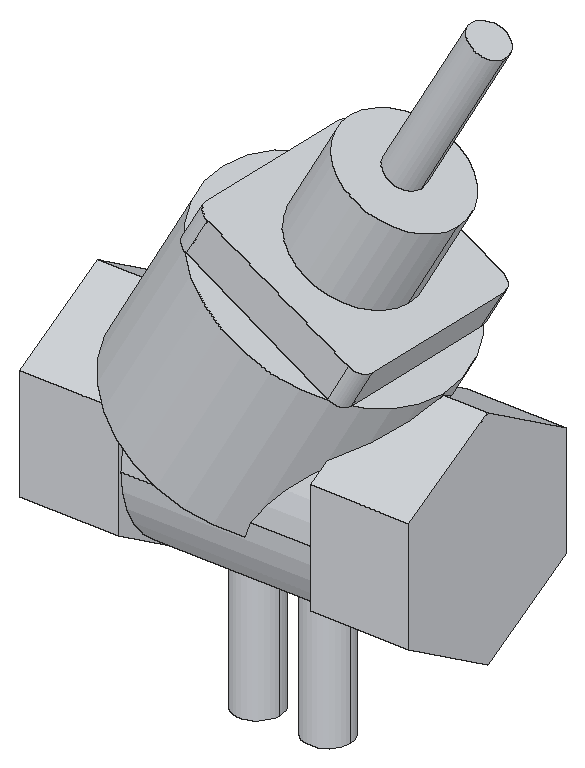
Revit family "OPTIMA_Compact_Plus_FF_DN50_15,0_RFA_2019", category Pipe Accessories, Revit 2019
Family settings
  Round Connector Dimension = Use Diameter
  Part Type = Valve - Breaks Into
  Work Plane-Based = No
  Always vertical = Yes
  Cut with Voids When Loaded = No
  Shared = No
Parameters (values of type "OPTIMA Compact Plus DN50 F-F 15mm")
  magiProductId = "624daa8973ca4b919c2525e9502345"
  magiProductFamilyId = "6a52986d8e934b98ba96fc38d8cea2"
  magiPartTypeId = 304
  isMeasuringValve [instance] = no
  ang2D [instance] = 0.00°
  Z = 0 mm
  X = 19 mm
  W2D = 40 mm
  VersionID = "2.0/2018.8.28.1/FRESE_OPTIMA-COMP-FF-BIG_001"
  Use Minimum Symbol Size [instance] = yes
  URL = "www.hydronic.cz"
  Type Comments = "vnitřní závit; PN25; -10~120°C, s měřením"
  S3 = 40 mm
  S2 = 14 mm
  S1 = 6 mm
  R9 = 8 mm
  R7 = 7 mm
  R6 = 22 mm
  R5 = 5 mm
  R4 = 34 mm
  R3 = 45 mm
  R2 = 34 mm
  R1 = 40 mm
  QmdConnectorList = "301;D;302;D"
  Productdata [instance] = ""
  PLG0 = yes
  Manufacturer = "Hydronic Systems Prague s.r.o."
  MC Product Code = "53-1376  (2\" F-F; 15mm; Qmin-dpmin 1400l/h-10.0kPa; Qmax-dpmin 11500l/h-36.0kPa; dpmax 800kPa)"
  MC Piping Given Pressure Drop [instance] = 0.0 Pa
  LL = 69 mm
  L6 = 10 mm
  L5 = 29 mm
  L4 = 90 mm
  L3 = 12.5 mm
  L2D_Min = 3048 mm
  L2D = 138 mm
  L2 = 68 mm
  L1__ve = -L1  # -35 mm
  L1 = 35 mm
  H7 = 85.5 mm
  H6__ve = -H6  # -82 mm
  H6 = 82 mm
  H51 = 40 mm
  H5 = 30 mm
  H4 = 60 mm
  H31 = 9.5 mm
  H3 = 35 mm
  H2 = 15 mm
  H1 = 62 mm
  Description = "Tlakově nezávislý 2-cestný regulační vyvažovací ventil (PICV)"
  D = 50 mm
  CenSd_R1_6 = R1 * cos(30.00°)  # 34.641 mm
  A = 30.00°
Types (2, lengths in mm): name | magiProductId | Z | X | R2 | R1 | MC Product Code | H6__ve | H6 | D | CenSd_R1_6
  OPTIMA Compact Plus DN40 F-F 15mm | "370c574abdd74299b576400338a818" | 7 | 15 | 27 | 32 | "53-1375  (6/4\" F-F; 15mm; Qmin-dpmin 1370l/h-10.0kPa; Qmax-dpmin 9500l/h-25.0kPa; dpmax 800kPa)" | -74 | 74 | 40 | 27.713
  OPTIMA Compact Plus DN50 F-F 15mm | "624daa8973ca4b919c2525e9502345" | 0 | 19 | 34 | 40 | "53-1376  (2\" F-F; 15mm; Qmin-dpmin 1400l/h-10.0kPa; Qmax-dpmin 11500l/h-36.0kPa; dpmax 800kPa)" | -82 | 82 | 50 | 34.641
Reference planes
  plane 1 "Center (Front/Back)": y = 0
  plane 2 "XYPLANE": z = 0
  plane 3 "Center (Left/Right)": x = 0
  plane 4 "356": through (324.771, 0, 678.519) normal (0.866, 0, -0.5)
  plane 5 "353": through (392.321, 0, 639.519) normal (0.866, 0, -0.5)
  plane 6 "350": through (383.66, 0, 644.519) normal (0.866, 0, -0.5)
  plane 7 "347": through (333.431, 0, 673.519) normal (0.866, 0, -0.5)
  plane 8 "345": through (-606.269, 0, 449.911) normal (0.5, 0, 0.866)
  plane 9 "340": y = -72
  plane 10 "339": y = 47
  plane 11 "338": through (436.488, 0, 614.019) normal (0.866, 0, -0.5)
  plane 12 "337": through (280.603, 0, 704.019) normal (0.866, 0, -0.5)
  plane 13 "267": x = 12.5
  plane 14 "266": x = -12.5
  plane 15 "252": through (-548.519, 0, 549.937) normal (0.5, 0, 0.866)
  plane 16 "250": through (-563.519, 0, 523.956) normal (0.5, 0, 0.866)
  plane 17 "248": through (-593.519, 0, 471.995) normal (0.5, 0, 0.866)
  plane 18 "245": through (-611.019, 0, 441.684) normal (0.5, 0, 0.866)
  plane 19 "241": through (329.101, 0, 676.019) normal (0.866, 0, -0.5)
  plane 20 "240": through (387.99, 0, 642.019) normal (0.866, 0, -0.5)
  plane 21 "239": y = -34
  plane 22 "238": y = 34
  plane 23 "237": through (-618.519, 0, 428.694) normal (0.5, 0, 0.866)
  plane 24 "235": through (-649.519, 0, 375) normal (0.5, 0, 0.866)
  plane 25 "231": y = 0
  plane 26 "230": through (358.546, 0, 659.019) normal (0.866, 0, -0.5)
  plane 27 "211": x = -34
  plane 28 "204": x = 69
  plane 29 "203": x = -69
  plane 30 "202": x = 0
  plane 31 "201": z = 0
  plane 32 "200": y = 0
  plane 33 "227XY": through (-649.519, 0, 375) normal (0.5, 0, 0.866)
  plane 34 "227XZ": y = 0
  plane 35 "227YZ": through (375, 0, 649.519) normal (0.866, 0, -0.5)
Forms (mm)
  Extrusion 1, solid
    sketch origin (-593.519, 0, 471.995) x (0.866025, 0, -0.5) y (0, 1, 0)
      loop
        circle (731, 0) r 7
    from 0 to 60 <- "H4"
  Extrusion 2, solid
    sketch origin (69, -750, 0) x (0, 1, 0) y (0, 0, 1)
      loop
        line (750, 40) -> (715.359, 20) -> (715.359, -20) -> (750, -40) -> (784.641, -20) -> (784.641, 20) -> (750, 40)
    from 0 to -35 <- "L1__ve"
  Extrusion 3, solid
    sketch origin (-69, -750, 0) x (0, 1, 0) y (0, 0, 1)
      loop
        line (750, 40) -> (715.359, 20) -> (715.359, -20) -> (750, -40) -> (784.641, -20) -> (784.641, 20) -> (750, 40)
    from 0 to 35 <- "L1"
  Extrusion 4, solid, visible <- "PLG0"
    sketch origin (-750, 0, 0) x (1, 0, 0) y (0, 1, 0)
      loop
        circle (762.5, 0) r 8
    from 0 to -82 <- "H6__ve"
  Extrusion 5, solid, visible <- "PLG0"
    sketch origin (-750, 0, 0) x (1, 0, 0) y (0, 1, 0)
      loop
        circle (737.5, 0) r 8
    from 0 to -82 <- "H6__ve"
  Extrusion 6, solid
    sketch origin (-611.019, 0, 441.684) x (0.866025, 0, -0.5) y (0, 1, 0)
      loop
        circle (731, 0) r 22
    from 0 to 35 <- "H3"
  Extrusion 7, solid
    sketch origin (-618.519, 0, 428.694) x (0.866025, 0, -0.5) y (0, 1, 0)
      loop
        arc (702, 34) -> (698.464, 32.536) -> (697, 29) r 5
        line (697, 29) -> (697, -29)
        arc (697, -29) -> (698.464, -32.536) -> (702, -34) r 5
        line (702, -34) -> (760, -34)
        arc (760, -34) -> (763.536, -32.536) -> (765, -29) r 5
        line (765, -29) -> (765, 29)
        arc (765, 29) -> (763.536, 32.536) -> (760, 34) r 5
        line (760, 34) -> (702, 34)
    from 0 to 15 <- "H2"
  Extrusion 8, solid
    sketch origin (-649.519, 0, 375) x (0.866025, 0, -0.5) y (0, 1, 0)
      loop
        circle (731, 0) r 45
    from 0 to 62 <- "H1"
  Extrusion 9, solid
    sketch origin (-34, -750, 0) x (0, 1, 0) y (0, 0, 1)
      loop
        circle (750, 0) r 34
    from 0 to 68 <- "L2"
  Extrusion 10, solid, not visible
    sketch origin (69, -750, 0) x (0, 1, 0) y (0, 0, 1)
      loop
        circle (750, 0) r 10
    from 0 to -10
  Extrusion 11, solid, not visible
    sketch origin (-69, -750, 0) x (0, 1, 0) y (0, 0, 1)
      loop
        circle (750, 0) r 10
    from 0 to 10
Lines and regions (mm)
  reference lines, not visible
    curve 1: circle (2, 2, 0) r 1 normal (0, 0, 1)
  reference lines
    curve 2: circle (-6.979, 0, 103.911) r 1 normal (0.5, 0, 0.866)
    curve 3: circle (60.571, 0, 64.911) r 1 normal (0.5, 0, 0.866)
    curve 4: circle (51.91, 0, 69.911) r 1 normal (0.5, 0, 0.866)
    curve 5: circle (1.681, 0, 98.911) r 1 normal (0.5, 0, 0.866)
    curve 6: line (69, 0, 0) -> (69, -13.856, -8)
    curve 7: line (69, 0, 0) -> (69, 0, -16)
    curve 8: line (69, 0, 0) -> (69, 13.856, -8)
    curve 9: line (-69, 0, 0) -> (-69, 13.856, -8)
    curve 10: line (-69, 0, 0) -> (-69, 0, -16)
    curve 11: line (-69, 0, 0) -> (-69, -13.856, -8)
Dimensions and locks
  plane 1 "Center (Front/Back)" to curve 1 = 2 mm
  "L6": plane 7 "347" to plane 4 "356"
  "L6": plane 6 "350" to plane 5 "353"
  "L5": plane 26 "230" to plane 6 "350"
  "L5": plane 26 "230" to plane 7 "347"
  "H31": plane 18 "245" to plane 8 "345"
  locked: plane 32 "200" to plane 9 "340" at 72
  locked: plane 25 "231" to plane 10 "339" at 47
  "L4": plane 26 "230" to plane 11 "338"
  "L4": plane 26 "230" to plane 12 "337"
  "L3": plane 3 "Center (Left/Right)" to plane 13 "267"
  "L3": plane 3 "Center (Left/Right)" to plane 14 "266"
  "H5": plane 16 "250" to plane 15 "252"
  "H4": plane 17 "248" to plane 16 "250"
  "H3": plane 18 "245" to plane 17 "248"
  "H2": plane 23 "237" to plane 18 "245"
  "R4": plane 26 "230" to plane 19 "241"
  "R4": plane 26 "230" to plane 20 "240"
  "R4": plane 32 "200" to plane 21 "239"
  "R4": plane 32 "200" to plane 22 "238"
  "H1": plane 24 "235" to plane 23 "237"
  "Z": plane 33 "227XY" to plane 24 "235"
  locked: plane 32 "200" to plane 25 "231"
  "X": plane 35 "227YZ" to plane 26 "230"
  "L1": plane 29 "203" to plane 27 "211"
  "LL": plane 3 "Center (Left/Right)" to plane 28 "204"
  "LL": plane 3 "Center (Left/Right)" to plane 29 "203"
  locked: plane 3 "Center (Left/Right)" to plane 30 "202"
  locked: plane 2 "XYPLANE" to plane 31 "201"
  locked: plane 1 "Center (Front/Back)" to plane 32 "200"
  "CenSd_R1_6": curve 6 to Extrusion 2 sketch curve  (x2)
  "CenSd_R1_6": curve 7 to Extrusion 2 sketch curve  (x2)
  "CenSd_R1_6": curve 8 to Extrusion 2 sketch curve  (x2)
  Extrusion 2 sketch curve to Extrusion 2 sketch curve = 0 mm  (x12)
  "CenSd_R1_6": curve 9 to Extrusion 3 sketch curve  (x2)
  "CenSd_R1_6": curve 10 to Extrusion 3 sketch curve  (x2)
  "CenSd_R1_6": curve 11 to Extrusion 3 sketch curve  (x2)
  Extrusion 3 sketch curve to Extrusion 3 sketch curve = 0 mm  (x12)
  Extrusion 7 sketch curve to Extrusion 7 sketch curve = 0 mm  (x16)
  "R7": radius of Extrusion 1 sketch curve
  "R9": radius of Extrusion 4 sketch curve
  "R9": radius of Extrusion 5 sketch curve
  "R6": radius of Extrusion 6 sketch curve
  "R5": radius of Extrusion 7 sketch curve  (x4)
  "R3": radius of Extrusion 8 sketch curve
  "R2": radius of Extrusion 9 sketch curve
  locked: curve 7 to curve 6 (angle 60.00°)
  locked: curve 8 to curve 7 (angle 60.00°)
  locked: curve 8 to curve 6 (angle 120.00°)
  locked: curve 10 to curve 9 (angle 60.00°)
  locked: curve 11 to curve 10 (angle 60.00°)
  locked: curve 11 to curve 9 (angle 120.00°)
  aligned and locked: level to plane 2 "XYPLANE"
  aligned and locked: curve 2 to plane 4 "356"
  aligned and locked: plane 25 "231" to curve 2
  aligned and locked: curve 3 to plane 5 "353"
  aligned and locked: plane 25 "231" to curve 3
  aligned and locked: curve 4 to plane 6 "350"
  aligned and locked: plane 25 "231" to curve 4
  aligned and locked: curve 5 to plane 7 "347"
  aligned and locked: plane 25 "231" to curve 5
  aligned and locked: plane 25 "231" to Extrusion 1 sketch curve
  aligned and locked: Extrusion 1 sketch curve to plane 26 "230"
  aligned and locked: plane 31 "201" to curve 8
  aligned and locked: curve 8 to plane 32 "200"
  aligned and locked: plane 31 "201" to curve 11
  aligned and locked: curve 11 to plane 32 "200"
  aligned and locked: plane 13 "267" to Extrusion 4 sketch curve
  aligned and locked: plane 32 "200" to Extrusion 4 sketch curve
  aligned and locked: plane 14 "266" to Extrusion 5 sketch curve
  aligned and locked: plane 32 "200" to Extrusion 5 sketch curve
  aligned and locked: plane 25 "231" to Extrusion 6 sketch curve
  aligned and locked: Extrusion 6 sketch curve to plane 26 "230"
  aligned and locked: Extrusion 7 sketch curve to plane 19 "241"
  aligned and locked: Extrusion 7 sketch curve to plane 21 "239"
  aligned and locked: Extrusion 7 sketch curve to plane 20 "240"
  aligned and locked: plane 22 "238" to Extrusion 7 sketch curve
  aligned and locked: plane 25 "231" to Extrusion 8 sketch curve
  aligned and locked: Extrusion 8 sketch curve to plane 26 "230"
  aligned and locked: plane 31 "201" to Extrusion 9 sketch curve
  aligned and locked: Extrusion 9 sketch curve to plane 32 "200"
  aligned and locked: plane 31 "201" to Extrusion 10 sketch curve
  aligned and locked: Extrusion 10 sketch curve to plane 32 "200"
  aligned and locked: plane 31 "201" to Extrusion 11 sketch curve
  aligned and locked: Extrusion 11 sketch curve to plane 32 "200"
Automatic sketch dimensions
  plane 1 "Center (Front/Back)" to Extrusion 10 sketch curve = 10 mm
  plane 1 "Center (Front/Back)" to Extrusion 11 sketch curve = 10 mm
  plane 3 "Center (Left/Right)" to curve 1 = 2 mm
  radius of curve 2 = 1 mm
  radius of curve 3 = 1 mm
  radius of curve 4 = 1 mm
  radius of curve 5 = 1 mm
  radius of curve 1 = 1 mm
Connectors
  piping at (-69, 0, 0), diameter 50, driven by "D"
    settings: on Extrusion 11, index 1, connector inside diameter 609.6 mm, connector length 0 mm, flow factor 0, pipe flow 0.0 L/s, pressure drop 0.0 Pa, fitting loss kfactor 0, connector angle 0.00°, fixture units 0, engagement length 0 mm, angle of deflection 0.00°, flow configuration 0, flow direction 0, fitting loss method 0, system type 29, joint type 0, gender type 0, connector reference index 2, connector utility 0, adjustable connector no, is connector primary yes, connector description ""
  piping at (69, 0, 0), diameter 50, driven by "D"
    settings: on Extrusion 10, index 2, connector inside diameter 609.6 mm, connector length 0 mm, flow factor 0, pipe flow 0.0 L/s, pressure drop 0.0 Pa, fitting loss kfactor 0, connector angle 0.00°, fixture units 0, engagement length 0 mm, angle of deflection 0.00°, flow configuration 0, flow direction 0, fitting loss method 0, system type 29, joint type 0, gender type 0, connector reference index 1, connector utility 0, adjustable connector no, is connector primary no, connector description ""
